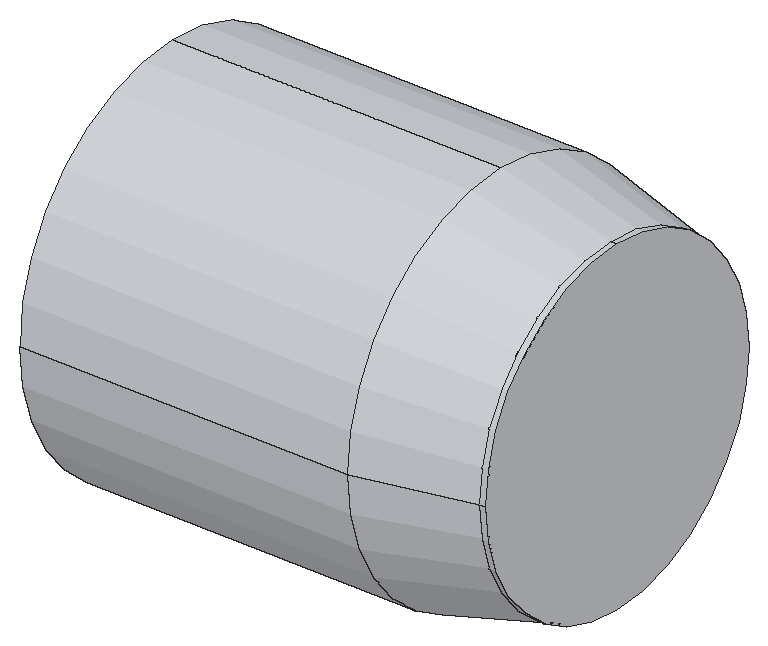
Revit family "M_Encaixe de duto redondo - Cônico", category Conexões de duto, Revit 2019
Family settings
  Cota do conector redondo = Usar raio
  Tipo de parte = Derivação - Ajustável
  Número OmniClass = 23.75.70.14
  Título OmniClass = Air Ductwork
  ID de item do Seek = Round Takeoff - Conical-0000-CAN-ENU
  Com base no plano de trabalho = Não
  Sempre na vertical = Sim
  Corte com vazios quando carregada = Não
  Compartilhado = Não
Parameters (values of type "Padrão")
  built-in parameter 1114214 [instance] = 304.8 mm
  built-in parameter 1114213 [instance] = 101.6 mm
  built-in parameter 1114215 [instance] = if(Diâmetro do duto > 406.4 mm, Diâmetro do duto * 0.25, 101.6 mm)  # 0.33333 (stored number, unit not read)
  Raio do duto [instance] = 152.4 mm
  Base cone R [instance] = Diâmetro do duto / 2 + 25.4 mm  # 177.8 mm
  Diâmetro do duto [instance] = Raio do duto * 2  # 304.8 mm
  Assembly Code = ""
Reference planes
  plane 1 "Centro (Frente/Trás)": y = 0
  plane 2: z = 0
  plane 3 "Centro (Esquerda/Direita)": x = 0
  plane 4: x = -304.8
  plane 5: x = 101.6
  plane 6: x = 107.95
Forms (mm)
  Sweep 1, solid, detail levels medium+fine
    path in 3D
      loop
        line (-304.8, 0, 0) -> (0, 0, 0)
    profile "M_Duto - Redondo : Duto - Base em cone redondo" origin (-152.4, 0, 0) x (0, 1, 0) y (0, 0, 1)
      loop
        arc (-177.8, 0) -> (-125.724, -125.724) -> (0, -177.8) r 177.8
        arc (0, -177.8) -> (125.724, -125.724) -> (177.8, 0) r 177.8
        arc (177.8, 0) -> (125.724, 125.724) -> (0, 177.8) r 177.8
        arc (0, 177.8) -> (-125.724, 125.724) -> (-177.8, 0) r 177.8
  Blend 2, solid, detail levels medium+fine
    base sketch origin (0, 0, 0) x (0, 1, 0) y (0, 0, 1)
      loop
        circle (0, 0) r 177.8
    top sketch origin (0, 0, 0) x (0, 1, 0) y (0, 0, 1)
      loop
        circle (0, 0) r 152.4
    from 0 to 101.6
  Sweep 3, solid, detail levels medium+fine
    path in 3D
      loop
        line (101.6, 0, 0) -> (107.95, 0, 0)
    profile "M_Duto - Redondo : Duto - Redondo" origin (104.775, 0, 0) x (0, 1, 0) y (0, 0, 1)
      loop
        arc (-152.4, 0) -> (-107.763, -107.763) -> (0, -152.4) r 152.4
        arc (0, -152.4) -> (107.763, -107.763) -> (152.4, 0) r 152.4
        arc (152.4, 0) -> (107.763, 107.763) -> (0, 152.4) r 152.4
        arc (0, 152.4) -> (-107.763, 107.763) -> (-152.4, 0) r 152.4
Cuts and joins
  joined: Sweep 1, Blend 2, Sweep 3
Lines and regions (mm)
  reference lines
    curve 1: line (-304.8, 0, 0) -> (0, 0, 0)
    curve 4: line (101.6, 0, 0) -> (107.95, 0, 0)
  sketch lines
    curve 2: line (-304.8, 0, 0) -> (0, 0, 0)
    curve 6: line (101.6, 0, 0) -> (107.95, 0, 0)
  model lines, style "DuctFitting", not visible, detail levels coarse
    curve 3: line (0, 0, 0) -> (101.6, 0, 0)
  model lines, style "DuctFitting", not visible
    curve 5: line (101.6, 0, 0) -> (107.95, 0, 0)
Dimensions and locks
  "built-in parameter 1114214": plane 4 to plane 3 "Centro (Esquerda/Direita)"
  "built-in parameter 1114213": plane 3 "Centro (Esquerda/Direita)" to plane 5
  locked: plane 5 to plane 6 at 6.35
  "Base cone R": radius of Blend 2 sketch curve
  "Raio do duto": radius of Blend 2 sketch curve
  aligned and locked: plane 4 to curve 1
  aligned and locked: plane 1 "Centro (Frente/Trás)" to curve 1
  aligned and locked: plane 1 "Centro (Frente/Trás)" to Blend 2 sketch curve  (x2)
  aligned and locked: plane 2 to Blend 2 sketch curve  (x2)
  aligned and locked: plane 3 "Centro (Esquerda/Direita)" to curve 3
  aligned and locked: plane 5 to curve 3
  aligned and locked: plane 1 "Centro (Frente/Trás)" to curve 3
  aligned and locked: plane 6 to curve 4
  aligned and locked: plane 5 to curve 4
  aligned and locked: plane 1 "Centro (Frente/Trás)" to curve 4
  aligned and locked: curve 5 to curve 4
  aligned and locked: plane 5 to Blend 2
  aligned and locked: Blend 2 to plane 3 "Centro (Esquerda/Direita)"
Automatic sketch dimensions
  curve 1 to plane 3 "Centro (Esquerda/Direita)" = 0 mm
  curve 5 to plane 6 = 0 mm
Connectors
  hvac at (0, 0, 0), driven by "Raio do duto"
    settings: on Sweep 1, index 1, duct flow 0.0 L/s, flow factor 0, pres drop 0.0 Pa, loss coef 0, conn angle 0.00°, conn width 304.8 mm, conn height 304.8 mm, conn diameter 304.8 mm, duct sys type 28, conn prof type 0, flow config 0, flow direction 0, loss method 0, conn ref index 2, conn util no, is conn primary yes, conn desc ""
  hvac at (107.95, 0, 0), driven by "Raio do duto"
    settings: on Sweep 3, index 2, duct flow 0.0 L/s, flow factor 0, pres drop 0.0 Pa, loss coef 0, conn angle 0.00°, conn width 304.8 mm, conn height 304.8 mm, conn diameter 304.8 mm, duct sys type 28, conn prof type 0, flow config 0, flow direction 0, loss method 0, conn ref index 1, conn util no, is conn primary no, conn desc ""
